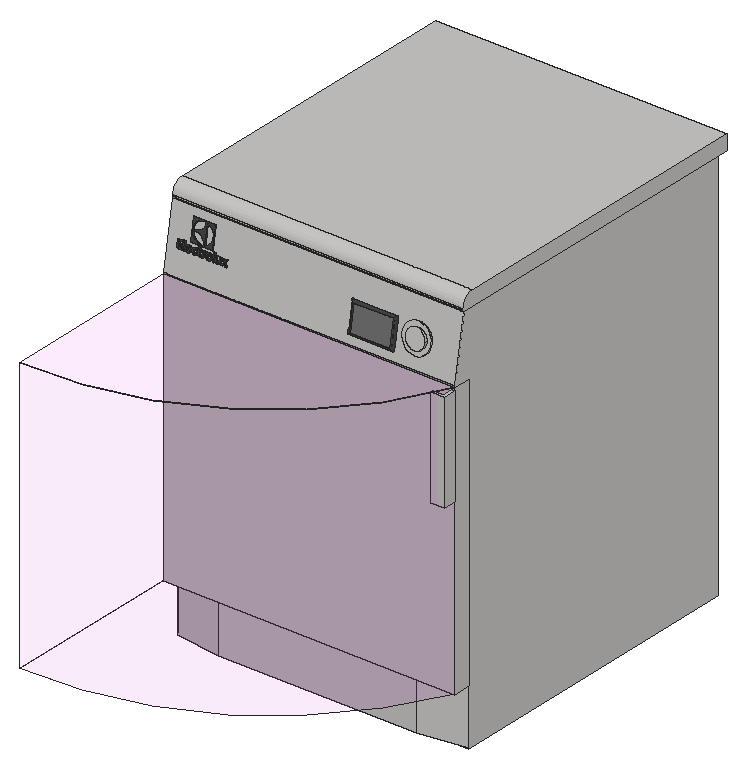
Revit family "TD6-6 Electric", category Attrezzature speciali, Revit 2018
Family settings
  Quota connettore circolare = Usa diametro
  Tipo di parte = Normale
  Basato su piano di lavoro = No
  Sempre verticale = Sì
  Taglio con vuoti quando caricato = No
  Condiviso = No
  Punto di calcolo locali = No
Parameters
  Show Logo [instance] = yes
  Show Clearance [instance] = yes
  Manufacturer = ""
  Model = ""
  Description = ""
Reference planes
  plane 1 "Center X": y = 53.8
  plane 2: z = 0
  plane 3 "Centro (Sinistra/Destra)": x = -500.5
  plane 4 "BACK": y = 414.5
  plane 5 "FRONT": y = -310.5
  plane 6 "LEFT": x = -799
  plane 7 "RIGHT": x = -202
  plane 8 "TOP": z = 839
  plane 9: z = 544
  plane 10: y = -654.04
Forms (mm)
  Extrusion 1, solid, material "QF_Finishes_Stainless Steel"
    sketch origin (718.1, -398.1, 598.796) x (0, 0, -1) y (0, 1, 0)
      loop
        line (568.796, 790.098) -> (-79.781, 790.098) -> (-79.781, 150.007) -> (568.796, 150.007) -> (568.796, 790.098)
    from -1517.1 to -920.1
  Extrusion 2, solid, material "QF_Finishes_Stainless Steel"
    sketch origin (718.1, -398.1, 534.496) x (0, 0, -1) y (0, 1, 0)
      loop
        line (-274.504, 812.6) -> (-304.504, 812.6) -> (-304.504, 161.15)
        arc (-304.504, 161.15) -> (-297.182, 143.472) -> (-279.504, 136.15) r 25
        line (-279.504, 136.15) -> (-277.385, 136.15)
        arc (-277.385, 136.15) -> (-275.348, 136.994) -> (-274.504, 139.03) r 2.881
        line (-274.504, 139.03) -> (-274.504, 812.6)
    from -1517.1 to -920.1
  Sweep 3, solid, material "QF_Finishes_Black"
    path origin (718.1, -259.961, 814.246) x (0, -0.173711, -0.984797) y (1, 0, 0)
      loop
        line (117.015, -1047.1) -> (54.21, -1047.1) -> (54.21, -1140.6) -> (117.015, -1140.6) -> (117.015, -1047.1)
    profile origin (-329, -274.833, 729.936) x (-1, 0, 0) y (0, -0.984797, 0.173711)
      loop
        line (5, 0) -> (5, 5)
        arc (5, 5) -> (1.464, 3.536) -> (0, 0) r 5
        line (0, 0) -> (5, 0)
  Extrusion 4, solid, material "QF_Finishes_Dark Grey"
    sketch origin (718.1, -259.961, 814.246) x (0, -0.173711, -0.984797) y (1, 0, 0)
      loop
        line (112.015, -1135.6) -> (112.015, -1050.6) -> (59.21, -1050.6) -> (59.21, -1135.6) -> (112.015, -1135.6)
    from 0 to 4
  Extrusion 5, solid, material "QF_Finishes_Stainless Steel"
    sketch origin (648.544, 391.998, -102.635) x (0, 0, 1) y (1, 0, 0)
      loop
        circle (803.611, -900.591) r 13.893
    from 0 to 5.231
  Extrusion 6, solid, material "QF_Finishes_Stainless Steel"
    sketch origin (676.705, 391.998, 22.818) x (0, 0, 1) y (1, 0, 0)
      loop
        circle (66.19, -1275.711) r 75
    from 0 to 5
  Extrusion 7, solid, material "QF_Finishes_Stainless Steel"
    sketch origin (-500.5, 0, 0) x (0, 1, 0) y (0, 0, 1)
      loop
        line (391.998, 678.576) -> (391.998, 809) -> (-261.597, 809) -> (-283.999, 681.951)
        arc (-283.999, 681.951) -> (-283.37, 679.603) -> (-281.168, 678.576) r 2.875
        line (-281.168, 678.576) -> (391.998, 678.576)
    from -298.5 to 298.5
  Extrusion 8, solid, material "QF_Finishes_Stainless Steel"
    sketch origin (0, 0, 1114.3) x (-1, 0, 0) y (0, -1, 0)
      loop
        line (799, -391.998) -> (799, 248.093) -> (202, 248.093) -> (202, -391.998) -> (799, -391.998)
    from -1114.3 to -1084.3
  Extrusion 9, solid, material "QF_Finishes_Stainless Steel"
    sketch origin (-500.5, -22.5, 0) x (0, 1, 0) y (0, 0, 1)
      loop
        line (-225.593, 678.576) -> (-261.54, 678.576) -> (-261.54, 115) -> (-225.593, 115) -> (-225.593, 678.576)
    from -298.5 to 298.5
  Extrusion 10, solid, material "QF_Finishes_Stainless Steel"
    sketch origin (-500.5, -283.999, 681.951) x (0, 0.173648, 0.984808) y (-1, 0, 0)
      loop
        circle (55.562, -214.058) r 30
      loop
        circle (55.562, -214.058) r 20
    from 0 to 1.6
  Extrusion 11, solid, material "QF_Finishes_Stainless Steel"
    sketch origin (-500.5, -283.999, 681.951) x (0, 0.173648, 0.984808) y (-1, 0, 0)
      loop
        circle (55.562, -214.058) r 20
    from 0 to 4.981
  Extrusion 12, solid, material "QF_Finishes_Stainless Steel"
    sketch origin (0, 0, 0) x (1, 0, 0) y (0, 1, 0)
      loop
        line (-799, -248.093) -> (-703.605, -261.5) -> (-297.395, -261.5) -> (-202, -248.093) -> (-799, -248.093)
    from 0 to 115
  Extrusion 13, solid, material "QF_Finishes_Stainless Steel"
    sketch origin (0, 0, 0) x (1, 0, 0) y (0, 1, 0)
      loop
        line (-202, -284.04) -> (-207, -284.04) -> (-207, -305.5) -> (-229.5, -305.5) -> (-229.5, -310.5) -> (-202, -310.5) -> (-202, -284.04)
    from 469.719 to 673.137
  Extrusion 14, solid, material "QF_Door-Drawer Clearances"
    sketch origin (0, 0, 0) x (1, 0, 0) y (0, 1, 0)
      loop
        line (-799, -284.04) -> (-799, -654.04)
        arc (-799, -654.04) -> (-441.815, -563.729) -> (-202, -284.04) r 609.237
        line (-202, -284.04) -> (-799, -284.04)
    from 115 to 678.576
Cuts and joins
  joined: Extrusion 1, Extrusion 7, Extrusion 8
Lines and regions (mm)
  Split face 1
    outline origin (-500.5, -283.999, 681.951) x (0, 0.173648, 0.984808) y (-1, 0, 0)
      loop
        arc (119.362, 284.173) -> (117.8, 287.943) -> (114.03, 289.504) r 5.331
        line (114.03, 289.504) -> (17.288, 289.504)
        arc (17.288, 289.504) -> (13.4, 287.894) -> (11.79, 284.007) r 5.497
        line (11.79, 284.007) -> (11.79, -280.723)
        arc (11.79, -280.723) -> (13.4, -284.61) -> (17.288, -286.22) r 5.497
        line (17.288, -286.22) -> (113.864, -286.22)
        arc (113.864, -286.22) -> (117.751, -284.61) -> (119.362, -280.723) r 5.497
        line (119.362, -280.723) -> (119.362, 284.173)
  Split face 2
    outline origin (-500.5, -283.999, 681.951) x (0, 0.173648, 0.984808) y (-1, 0, 0)
      loop
        line (89.073, -286.22) -> (89.073, -66.147)
        arc (89.073, -66.147) -> (86.789, -54.666) -> (80.286, -44.933) r 30
        line (80.286, -44.933) -> (15.962, 17.721)
        arc (15.962, 17.721) -> (14.3, 18.334) -> (12.732, 17.509) r 2.178
        arc (12.732, 17.509) -> (12.032, 16.231) -> (11.79, 14.794) r 4.384
  Split face 3
    outline origin (-500.5, -283.999, 681.951) x (0, 0.173648, 0.984808) y (-1, 0, 0)
      loop
        line (41.371, 289.504) -> (41.371, 11.408)
        arc (41.371, 11.408) -> (43.274, 1.841) -> (48.693, -6.27) r 25
        line (48.693, -6.27) -> (83.821, -41.398)
        arc (83.821, -41.398) -> (91.408, -52.753) -> (94.073, -66.147) r 35
        line (94.073, -66.147) -> (94.073, -286.22)
  Split face 4
    outline origin (-500.5, -283.999, 681.951) x (0, 0.173648, 0.984808) y (-1, 0, 0)
      loop
        line (48.371, 289.504) -> (48.371, 24.83)
        arc (48.371, 24.83) -> (50.128, 15.994) -> (55.133, 8.504) r 23.088
        line (55.133, 8.504) -> (94.428, -30.791)
        arc (94.428, -30.791) -> (105.267, -47.012) -> (109.073, -66.147) r 50
        line (109.073, -66.147) -> (109.073, -286.22)
  symbolic lines
    curve 1: line (-202, 414.5, 839) -> (-799, 414.5, 839)
    curve 2: line (-799, -284.04, 839) -> (-202, -284.04, 839)
    curve 3: line (-202, 414.5, 0) -> (-202, -284.04, 0)
    curve 4: line (-799, 414.5, 0) -> (-799, -284.04, 0)
    curve 5: line (-207, -284.04, 0) -> (-207, -305.5, 0)
    curve 6: line (-202, -310.5, 0) -> (-202, -284.04, 0)
    curve 7: line (-229.5, -310.5, 0) -> (-202, -310.5, 0)
    curve 8: line (-229.5, -305.5, 0) -> (-229.5, -310.5, 0)
    curve 9: line (-207, -305.5, 0) -> (-229.5, -305.5, 0)
  symbolic lines, style "QF_Door-Drawer Clearances"
    curve 10: line (-799, -284.04, 0) -> (-799, -654.04, 0)
    curve 11: arc (-799, -654.04, 0) -> (-441.815, -563.729, 0) -> (-202, -284.04, 0) r 609.237
Dimensions and locks
  equal spacing: plane 6 "LEFT", plane 3 "Centro (Sinistra/Destra)", plane 7 "RIGHT"
  plane 6 "LEFT" to plane 7 "RIGHT" = 597 mm  (x2)
  plane 4 "BACK" to plane 5 "FRONT" = 725 mm  (x2)
  plane 4 "BACK" to plane 1 "Center X" to plane 5 "FRONT" = 360.7 mm, 364.3 mm
  plane 8 "TOP" to level = 839 mm
  Extrusion 9 to plane 10 = 370 mm
  aligned and locked: level to plane 2
  aligned and locked: Extrusion 1 to plane 6 "LEFT"
  aligned and locked: plane 7 "RIGHT" to Extrusion 1
  aligned and locked: Extrusion 2 to plane 6 "LEFT"
  aligned and locked: plane 7 "RIGHT" to Extrusion 2
  aligned and locked: plane 7 "RIGHT" to Extrusion 7
  aligned and locked: Extrusion 7 to plane 6 "LEFT"
  aligned and locked: Extrusion 9 to plane 6 "LEFT"
  aligned and locked: plane 7 "RIGHT" to Extrusion 9
  aligned and locked: plane 4 "BACK" to Extrusion 2
Automatic sketch dimensions
  Extrusion 1 sketch curve to plane 4 "BACK" = 22.502 mm
  Extrusion 1 sketch curve to plane 8 "TOP" = 160.424 mm
  level to Extrusion 1 sketch curve = 30 mm
  plane 5 "FRONT" to Extrusion 1 sketch curve = 62.407 mm
  Extrusion 2 sketch curve to plane 8 "TOP" = 0 mm
  Extrusion 2 sketch curve to plane 8 "TOP" = 25 mm
  Extrusion 2 sketch curve to Extrusion 2 sketch curve = 2.119 mm
  Extrusion 2 sketch curve to Extrusion 2 sketch curve = 2.881 mm
  plane 5 "FRONT" to Extrusion 2 sketch curve = 48.55 mm
  Extrusion 2 sketch curve to plane 4 "BACK" = 0 mm
  Sweep 3 sketch curve to plane 7 "RIGHT" = 127 mm
  Sweep 3 sketch curve to Sweep 3 sketch curve = 62.805 mm
  plane 3 "Centro (Sinistra/Destra)" to Sweep 3 sketch curve = 78 mm
  Sweep 3 sketch curve to profile plane = 0 mm
  profile plane to Sweep 3 sketch curve = 0 mm
  Sweep 3 sketch curve to profile plane = 5 mm
  plane 3 "Centro (Sinistra/Destra)" to Extrusion 4 sketch curve = 83 mm
  Extrusion 4 sketch curve to Extrusion 4 sketch curve = 52.805 mm
  Extrusion 4 sketch curve to Extrusion 4 sketch curve = 85 mm
  Extrusion 1 to Extrusion 5 sketch curve = 50.047 mm
  Extrusion 5 sketch curve to Extrusion 1 = 22.4 mm
  plane 5 "FRONT" to Extrusion 7 sketch curve = 26.501 mm
  Extrusion 7 sketch curve to Extrusion 7 sketch curve = 2.831 mm
  Extrusion 7 sketch curve to plane 8 "TOP" = 30 mm
  plane 5 "FRONT" to Extrusion 7 sketch curve = 48.903 mm
  Extrusion 7 sketch curve to plane 4 "BACK" = 22.502 mm
  Extrusion 7 sketch curve to Extrusion 7 sketch curve = 127.049 mm
  Extrusion 7 sketch curve to Extrusion 7 sketch curve = 0.499 mm
  Extrusion 8 sketch curve to plane 7 "RIGHT" = 0 mm
  Extrusion 8 sketch curve to plane 6 "LEFT" = 0 mm
  Extrusion 8 sketch curve to plane 4 "BACK" = 22.502 mm
  plane 5 "FRONT" to Extrusion 8 sketch curve = 62.407 mm
  plane 5 "FRONT" to Extrusion 9 sketch curve = 26.46 mm
  Extrusion 9 sketch curve to Extrusion 9 sketch curve = 35.947 mm
  level to Extrusion 9 sketch curve = 115 mm
  Extrusion 9 sketch curve to plane 8 "TOP" = 160.424 mm
  Extrusion 10 sketch curve to Extrusion 10 sketch curve = 0 mm  (x2)
  Extrusion 10 sketch curve to Extrusion 7 = 55.562 mm
  Extrusion 7 to Extrusion 10 sketch curve = 84.442 mm
  Extrusion 11 sketch curve to Extrusion 11 sketch curve = 0 mm  (x2)
  Extrusion 11 sketch curve to Extrusion 7 = 55.562 mm
  Extrusion 7 to Extrusion 11 sketch curve = 84.442 mm
  Extrusion 11 sketch curve to Extrusion 11 sketch curve = 20 mm
  Split face 1 sketch curve to Extrusion 7 = 11.79 mm
  Split face 1 sketch curve to Split face 1 sketch curve = 5.497 mm  (x3)
  Extrusion 7 to Split face 1 sketch curve = 15.145 mm
  Extrusion 7 to Split face 1 sketch curve = 14.979 mm
  Split face 1 sketch curve to Extrusion 7 = 12.28 mm
  Split face 1 sketch curve to Extrusion 7 = 14.493 mm
  Split face 2 sketch curve to Extrusion 7 = 14.442 mm
  Split face 2 sketch curve to Split face 2 sketch curve = 1.52 mm
  Split face 2 sketch curve to Split face 2 sketch curve = 1.732 mm
  Split face 2 sketch curve to Extrusion 7 = 59.073 mm
  Split face 2 sketch curve to Split face 2 sketch curve = 21.213 mm
  Split face 2 sketch curve to Split face 2 sketch curve = 8.787 mm
  Split face 2 sketch curve to Extrusion 7 = 232.353 mm
  Split face 2 sketch curve to Split face 2 sketch curve = 59.728 mm
  Split face 2 sketch curve to Split face 2 sketch curve = 1.366 mm
  Split face 2 sketch curve to Split face 2 sketch curve = 1.56 mm
  Split face 2 sketch curve to Split face 2 sketch curve = 0 mm
  Split face 2 sketch curve to Extrusion 7 = 12.28 mm
  Split face 3 sketch curve to Extrusion 7 = 41.371 mm
  Split face 3 sketch curve to Split face 3 sketch curve = 7.322 mm
  Split face 3 sketch curve to Extrusion 7 = 59.073 mm
  Split face 3 sketch curve to Split face 3 sketch curve = 17.678 mm
  Split face 3 sketch curve to Split face 3 sketch curve = 24.749 mm
  Split face 3 sketch curve to Split face 3 sketch curve = 10.251 mm
  Split face 3 sketch curve to Extrusion 7 = 232.353 mm
  Split face 3 sketch curve to Split face 3 sketch curve = 35.128 mm
  Split face 3 sketch curve to Extrusion 7 = 12.28 mm
  Split face 3 sketch curve to Extrusion 7 = 8.996 mm
  Split face 4 sketch curve to Extrusion 7 = 48.371 mm
  Split face 4 sketch curve to Split face 4 sketch curve = 6.762 mm
  Split face 4 sketch curve to Extrusion 7 = 59.073 mm
  Split face 4 sketch curve to Split face 4 sketch curve = 23.088 mm
  Extrusion 7 to Split face 4 sketch curve = 34.581 mm
  Extrusion 7 to Split face 4 sketch curve = 19.937 mm
  Split face 4 sketch curve to Extrusion 7 = 232.353 mm
  Split face 4 sketch curve to Split face 4 sketch curve = 39.295 mm
  Split face 4 sketch curve to Extrusion 7 = 12.28 mm
  Split face 4 sketch curve to Extrusion 7 = 8.996 mm
  Extrusion 12 sketch curve to plane 6 "LEFT" = 0 mm
  Extrusion 12 sketch curve to plane 7 "RIGHT" = 0 mm
  plane 5 "FRONT" to Extrusion 12 sketch curve = 62.407 mm
  plane 6 "LEFT" to Extrusion 12 sketch curve = 95.395 mm
  Extrusion 12 sketch curve to plane 7 "RIGHT" = 95.395 mm
  plane 5 "FRONT" to Extrusion 12 sketch curve = 49 mm
  level to Extrusion 6 sketch curve = 89.008 mm
  plane 6 "LEFT" to Extrusion 6 sketch curve = 199.995 mm
  curve 4 to plane 6 "LEFT" = 0 mm
  plane 5 "FRONT" to curve 4 = 26.46 mm
  curve 4 to plane 4 "BACK" = 0 mm
  curve 3 to plane 4 "BACK" = 0 mm
  Extrusion 13 sketch curve to plane 5 "FRONT" = 0 mm
  Extrusion 13 sketch curve to plane 7 "RIGHT" = 0 mm
  Extrusion 13 sketch curve to plane 7 "RIGHT" = 5 mm
  Extrusion 13 sketch curve to Extrusion 13 sketch curve = 22.5 mm
  plane 5 "FRONT" to Extrusion 13 sketch curve = 5 mm
  Extrusion 13 sketch curve to Extrusion 13 sketch curve = 21.46 mm
  curve 7 to plane 5 "FRONT" = 0 mm
  curve 6 to plane 7 "RIGHT" = 0 mm
  curve 7 to plane 7 "RIGHT" = 27.5 mm
  curve 5 to plane 7 "RIGHT" = 5 mm
  plane 5 "FRONT" to curve 5 = 5 mm
  curve 5 to curve 6 = 21.46 mm
  curve 5 to curve 6 = 0 mm
  curve 2 to plane 7 "RIGHT" = 0 mm
  curve 1 to plane 4 "BACK" = 0 mm
  curve 1 to plane 7 "RIGHT" = 0 mm
  curve 2 to plane 6 "LEFT" = 0 mm
  curve 1 to plane 6 "LEFT" = 0 mm
  plane 5 "FRONT" to curve 2 = 26.46 mm
  Extrusion 14 sketch curve to plane 6 "LEFT" = 0 mm
  Extrusion 14 sketch curve to plane 7 "RIGHT" = 0 mm
  Extrusion 14 sketch curve to plane 10 = 0 mm
  plane 6 "LEFT" to Extrusion 14 sketch curve = 36.241 mm
  plane 5 "FRONT" to Extrusion 14 sketch curve = 26.46 mm
  curve 10 to plane 10 = 0 mm
  plane 6 "LEFT" to curve 11 = 36.241 mm
  radius of Extrusion 5 sketch curve = 13.893 mm
  radius of Extrusion 10 sketch curve = 30 mm
  radius of Extrusion 10 sketch curve = 20 mm
  radius of Extrusion 6 sketch curve = 75 mm
Nested families
  nested 1: "ELX_Logo_S_New" at (-742.5, -274.436, 736.185) x (1, 0, 0) z (0, -0.9848, 0.1736), type "ELX_Logo_S_New"
    with Material QF_Finishes_Black
  nested 2: "ELX_Logo_Symbol_S" at (-722.5, -266.894, 778.959) x (-1, 0, 0) z (0, -0.9848, 0.1736), type "ELX_Logo_Symbol_S"
    with Material QF_Finishes_Black
Connectors
  piping at (-599.005, 396.998, 89.008), diameter 150
    settings: on Extrusion 6, index 3, connector inside diameter 609.6 mm, connector length 0 mm, flow factor 0, pipe flow 0.0 L/s, pressure drop 0.0 Pa, fitting loss kfactor 0, connector angle 0.00°, fixture units 0, engagement length 0 mm, angle of deflection 0.00°, flow configuration 1, flow direction 2, fitting loss method 0, system type 7, joint type 0, gender type 0, connector reference index -1, connector utility 0, adjustable connector no, is connector primary yes, connector description "Exhaust Connection"
  electrical at (-252.047, 397.229, 700.976)
    settings: on Extrusion 5, index 4, voltage 0 V, apparent load 0 VA, apparent load phase1 0 VA, apparent load phase2 0 VA, apparent load phase3 0 VA, power factor 1, load classification "Other", number of poles 1, system type 30, power factor state 1, is connector primary yes, connector utility no, sub classification motor no, connector description "Electrical Connection"
Definition of nested family "ELX_Logo_S_New"
  Parameters
    Material [instance] = none
    Default Elevation = 0 mm
  Reference planes
    plane 1 "Centro (Fronte/Retro)": y = 0
    plane 2: z = 0
    plane 3 "Centro (Sinistra/Destra)": x = 0
  Forms (mm)
    Extrusion 1, solid
      sketch origin (0, 0, 0) x (1, 0, 0) y (0, 1, 0)
        loop
          line (-1219.2, 1219.2) -> (-1219.2, -1219.2) -> (1219.2, -1219.2) -> (1219.2, 1219.2) -> (-1219.2, 1219.2)
      from 0 to -304.8
    Extrusion 2, solid, material <- "Material"
      sketch origin (0, 0, 0) x (1, 0, 0) y (0, 1, 0)
        loop
          spline (-31.006, -2.781) -> (-31.24, -2.771) -> (-31.49, -2.739) -> (-31.748, -2.68) -> (-32.009, -2.591) -> (-32.264, -2.469) -> (-32.508, -2.308) -> (-32.732, -2.105) -> (-32.932, -1.857) -> (-33.099, -1.559) -> (-33.226, -1.207) -> (-33.308, -0.798) -> (-33.337, -0.327)
          line (-33.337, -0.327) -> (-33.337, 1.761) -> (-26.444, 1.761) -> (-26.444, 4.423) -> (-33.338, 4.423) -> (-33.338, 8.299) -> (-26.005, 8.299) -> (-26.005, 10.954) -> (-36.159, 10.954) -> (-36.159, -0.206)
          spline (-36.159, -0.206) -> (-36.134, -0.893) -> (-36.057, -1.54) -> (-35.927, -2.145) -> (-35.743, -2.707) -> (-35.503, -3.222) -> (-35.206, -3.689) -> (-34.85, -4.106) -> (-34.433, -4.47) -> (-33.955, -4.779) -> (-33.414, -5.031) -> (-32.809, -5.223) -> (-32.137, -5.354)
          line (-32.137, -5.354) -> (-31.029, -5.433) -> (-25.809, -5.433) -> (-25.809, -2.781) -> (-31.006, -2.781)
        loop
          line (-23.804, 3.211) -> (-23.804, -5.437) -> (-20.982, -5.437) -> (-20.982, 10.958) -> (-23.804, 10.958) -> (-23.804, 3.211)
        loop
          spline (-7.052, -0.2) -> (-7.034, 0.688) -> (-7.119, 1.546) -> (-7.304, 2.368) -> (-7.586, 3.144) -> (-7.962, 3.868) -> (-8.426, 4.531) -> (-8.977, 5.126) -> (-9.61, 5.644) -> (-10.321, 6.077) -> (-11.107, 6.419) -> (-11.964, 6.66) -> (-12.889, 6.793)
          spline (-12.889, 6.793) -> (-13.767, 6.742) -> (-14.602, 6.592) -> (-15.387, 6.346) -> (-16.116, 6.008) -> (-16.782, 5.583) -> (-17.379, 5.073) -> (-17.902, 4.483) -> (-18.343, 3.816) -> (-18.697, 3.077) -> (-18.958, 2.269) -> (-19.119, 1.395) -> (-19.174, 0.46)
          spline (-19.174, 0.46) -> (-19.121, -0.452) -> (-18.964, -1.304) -> (-18.71, -2.094) -> (-18.362, -2.816) -> (-17.926, -3.468) -> (-17.406, -4.045) -> (-16.808, -4.544) -> (-16.137, -4.96) -> (-15.397, -5.291) -> (-14.594, -5.532) -> (-13.733, -5.679) -> (-12.817, -5.729)
          spline (-12.817, -5.729) -> (-12.371, -5.719) -> (-11.93, -5.685) -> (-11.493, -5.626) -> (-11.062, -5.54) -> (-10.636, -5.425) -> (-10.216, -5.277) -> (-9.8, -5.096) -> (-9.391, -4.879) -> (-8.987, -4.623) -> (-8.588, -4.326) -> (-8.196, -3.987) -> (-7.809, -3.603)
          line (-7.809, -3.603) -> (-9.51, -1.949)
          spline (-9.51, -1.949) -> (-9.734, -2.164) -> (-9.959, -2.362) -> (-10.188, -2.542) -> (-10.422, -2.703) -> (-10.662, -2.846) -> (-10.913, -2.971) -> (-11.174, -3.077) -> (-11.449, -3.163) -> (-11.739, -3.231) -> (-12.047, -3.28) -> (-12.374, -3.309) -> (-12.723, -3.319)
          spline (-12.723, -3.319) -> (-13.234, -3.294) -> (-13.713, -3.219) -> (-14.158, -3.098) -> (-14.568, -2.931) -> (-14.94, -2.72) -> (-15.272, -2.469) -> (-15.562, -2.177) -> (-15.809, -1.849) -> (-16.009, -1.485) -> (-16.162, -1.088) -> (-16.264, -0.659) -> (-16.314, -0.2)
          line (-16.314, -0.2) -> (-7.052, -0.2)
        loop
          spline (-9.888, 1.784) -> (-9.915, 2.133) -> (-9.995, 2.469) -> (-10.124, 2.788) -> (-10.298, 3.088) -> (-10.514, 3.365) -> (-10.768, 3.615) -> (-11.056, 3.836) -> (-11.376, 4.024) -> (-11.722, 4.176) -> (-12.092, 4.289) -> (-12.482, 4.359) -> (-12.889, 4.383)
          spline (-12.889, 4.383) -> (-13.325, 4.36) -> (-13.744, 4.291) -> (-14.144, 4.18) -> (-14.52, 4.03) -> (-14.868, 3.844) -> (-15.186, 3.624) -> (-15.469, 3.375) -> (-15.715, 3.099) -> (-15.919, 2.798) -> (-16.077, 2.477) -> (-16.186, 2.138) -> (-16.243, 1.784)
          line (-16.243, 1.784) -> (-9.888, 1.784)
        loop
          spline (-2.737, 0.532) -> (-2.704, 1.057) -> (-2.61, 1.555) -> (-2.457, 2.022) -> (-2.249, 2.455) -> (-1.991, 2.851) -> (-1.685, 3.205) -> (-1.336, 3.514) -> (-0.948, 3.775) -> (-0.524, 3.984) -> (-0.067, 4.138) -> (0.417, 4.233) -> (0.926, 4.265)
          spline (0.926, 4.265) -> (1.238, 4.255) -> (1.537, 4.226) -> (1.824, 4.178) -> (2.098, 4.112) -> (2.362, 4.027) -> (2.615, 3.925) -> (2.858, 3.806) -> (3.093, 3.67) -> (3.318, 3.518) -> (3.536, 3.349) -> (3.746, 3.165) -> (3.95, 2.966)
          line (3.95, 2.966) -> (5.699, 4.785)
          spline (5.699, 4.785) -> (5.351, 5.133) -> (4.992, 5.446) -> (4.624, 5.724) -> (4.246, 5.969) -> (3.859, 6.181) -> (3.463, 6.362) -> (3.059, 6.512) -> (2.646, 6.633) -> (2.226, 6.725) -> (1.8, 6.79) -> (1.366, 6.828) -> (0.926, 6.841)
          spline (0.926, 6.841) -> (0.044, 6.786) -> (-0.801, 6.626) -> (-1.601, 6.367) -> (-2.349, 6.014) -> (-3.037, 5.573) -> (-3.658, 5.051) -> (-4.204, 4.453) -> (-4.668, 3.785) -> (-5.041, 3.053) -> (-5.318, 2.263) -> (-5.489, 1.421) -> (-5.548, 0.532)
          spline (-5.548, 0.532) -> (-5.489, -0.357) -> (-5.318, -1.199) -> (-5.041, -1.989) -> (-4.668, -2.721) -> (-4.204, -3.389) -> (-3.658, -3.987) -> (-3.037, -4.509) -> (-2.349, -4.95) -> (-1.601, -5.303) -> (-0.801, -5.562) -> (0.044, -5.722) -> (0.926, -5.777)
          spline (0.926, -5.777) -> (1.366, -5.764) -> (1.8, -5.726) -> (2.226, -5.662) -> (2.646, -5.569) -> (3.059, -5.449) -> (3.463, -5.298) -> (3.859, -5.117) -> (4.246, -4.905) -> (4.624, -4.66) -> (4.992, -4.382) -> (5.351, -4.069) -> (5.699, -3.721)
          line (5.699, -3.721) -> (3.95, -1.902)
          spline (3.95, -1.902) -> (3.746, -2.101) -> (3.536, -2.285) -> (3.318, -2.453) -> (3.093, -2.606) -> (2.858, -2.742) -> (2.615, -2.861) -> (2.362, -2.964) -> (2.098, -3.048) -> (1.824, -3.114) -> (1.537, -3.162) -> (1.238, -3.191) -> (0.926, -3.201)
          spline (0.926, -3.201) -> (0.417, -3.169) -> (-0.067, -3.074) -> (-0.524, -2.92) -> (-0.948, -2.711) -> (-1.336, -2.45) -> (-1.685, -2.141) -> (-1.991, -1.787) -> (-2.249, -1.391) -> (-2.457, -0.958) -> (-2.61, -0.491) -> (-2.704, 0.007) -> (-2.737, 0.532)
        loop
          spline (12.895, -2.785) -> (12.646, -2.789) -> (12.379, -2.77) -> (12.102, -2.724) -> (11.82, -2.646) -> (11.542, -2.531) -> (11.274, -2.376) -> (11.024, -2.175) -> (10.797, -1.924) -> (10.602, -1.618) -> (10.445, -1.253) -> (10.334, -0.824) -> (10.275, -0.327)
          line (10.275, -0.327) -> (10.275, 3.855) -> (12.842, 3.855) -> (12.842, 6.419) -> (10.278, 6.419) -> (10.278, 10.958) -> (7.456, 10.958) -> (7.456, -0.488)
          spline (7.456, -0.488) -> (7.516, -1.152) -> (7.626, -1.776) -> (7.785, -2.359) -> (7.996, -2.899) -> (8.26, -3.392) -> (8.577, -3.837) -> (8.951, -4.232) -> (9.38, -4.575) -> (9.868, -4.864) -> (10.415, -5.096) -> (11.023, -5.27) -> (11.693, -5.383)
          line (11.693, -5.383) -> (12.885, -5.437) -> (12.895, -2.785)
        loop
          spline (22.391, 6.583) -> (21.903, 6.613) -> (21.433, 6.605) -> (20.982, 6.558) -> (20.553, 6.476) -> (20.145, 6.358) -> (19.76, 6.207) -> (19.401, 6.022) -> (19.067, 5.807) -> (18.76, 5.561) -> (18.482, 5.286) -> (18.234, 4.984) -> (18.016, 4.655)
          line (18.016, 4.655) -> (18.016, 6.418) -> (15.217, 6.418) -> (15.217, -5.437) -> (18.016, -5.437) -> (18.016, 0.797)
          spline (18.016, 0.797) -> (18.042, 1.269) -> (18.118, 1.71) -> (18.242, 2.117) -> (18.412, 2.488) -> (18.627, 2.822) -> (18.884, 3.117) -> (19.182, 3.371) -> (19.518, 3.583) -> (19.892, 3.751) -> (20.3, 3.873) -> (20.742, 3.947) -> (21.215, 3.972)
          line (21.215, 3.972) -> (22.391, 3.855) -> (22.391, 6.583)
        loop
          spline (35.761, 0.49) -> (35.702, 1.36) -> (35.53, 2.189) -> (35.253, 2.971) -> (34.878, 3.698) -> (34.414, 4.364) -> (33.867, 4.963) -> (33.246, 5.488) -> (32.558, 5.932) -> (31.811, 6.289) -> (31.013, 6.552) -> (30.171, 6.715) -> (29.293, 6.771)
          spline (29.293, 6.771) -> (28.409, 6.715) -> (27.564, 6.552) -> (26.763, 6.289) -> (26.016, 5.932) -> (25.328, 5.488) -> (24.708, 4.963) -> (24.163, 4.364) -> (23.701, 3.698) -> (23.328, 2.971) -> (23.053, 2.189) -> (22.882, 1.36) -> (22.823, 0.49)
          spline (22.823, 0.49) -> (22.882, -0.379) -> (23.053, -1.208) -> (23.328, -1.989) -> (23.701, -2.716) -> (24.163, -3.382) -> (24.708, -3.981) -> (25.328, -4.506) -> (26.016, -4.951) -> (26.763, -5.308) -> (27.564, -5.571) -> (28.409, -5.734) -> (29.293, -5.79)
          spline (29.293, -5.79) -> (30.171, -5.734) -> (31.013, -5.571) -> (31.811, -5.308) -> (32.558, -4.951) -> (33.246, -4.506) -> (33.867, -3.981) -> (34.414, -3.382) -> (34.878, -2.716) -> (35.253, -1.989) -> (35.53, -1.208) -> (35.702, -0.379) -> (35.761, 0.49)
        loop
          spline (32.961, 0.49) -> (32.929, 1.004) -> (32.833, 1.493) -> (32.679, 1.955) -> (32.47, 2.385) -> (32.21, 2.779) -> (31.903, 3.134) -> (31.553, 3.445) -> (31.164, 3.709) -> (30.739, 3.921) -> (30.283, 4.077) -> (29.8, 4.174) -> (29.293, 4.207)
          spline (29.293, 4.207) -> (28.781, 4.174) -> (28.294, 4.077) -> (27.836, 3.921) -> (27.411, 3.709) -> (27.022, 3.445) -> (26.673, 3.134) -> (26.368, 2.779) -> (26.11, 2.385) -> (25.903, 1.955) -> (25.75, 1.493) -> (25.656, 1.004) -> (25.624, 0.49)
          spline (25.624, 0.49) -> (25.656, -0.022) -> (25.75, -0.512) -> (25.903, -0.973) -> (26.11, -1.403) -> (26.368, -1.798) -> (26.673, -2.153) -> (27.022, -2.464) -> (27.411, -2.728) -> (27.836, -2.94) -> (28.294, -3.096) -> (28.781, -3.193) -> (29.293, -3.226)
          spline (29.293, -3.226) -> (29.8, -3.193) -> (30.283, -3.096) -> (30.739, -2.94) -> (31.164, -2.728) -> (31.553, -2.464) -> (31.903, -2.153) -> (32.21, -1.798) -> (32.47, -1.403) -> (32.679, -0.973) -> (32.833, -0.512) -> (32.929, -0.022) -> (32.961, 0.49)
        loop
          line (37.497, 3.493) -> (37.497, -5.437) -> (40.321, -5.437) -> (40.321, 10.958) -> (37.497, 10.958) -> (37.497, 3.493)
        loop
          line (50.501, 6.418) -> (50.501, -0.473)
          spline (50.501, -0.473) -> (50.478, -0.921) -> (50.412, -1.325) -> (50.305, -1.686) -> (50.159, -2.005) -> (49.978, -2.282) -> (49.763, -2.52) -> (49.517, -2.718) -> (49.243, -2.878) -> (48.943, -3.001) -> (48.619, -3.087) -> (48.275, -3.139) -> (47.913, -3.155)
          spline (47.913, -3.155) -> (47.55, -3.139) -> (47.206, -3.088) -> (46.883, -3.001) -> (46.583, -2.879) -> (46.309, -2.72) -> (46.063, -2.523) -> (45.849, -2.287) -> (45.667, -2.012) -> (45.522, -1.696) -> (45.414, -1.339) -> (45.348, -0.94) -> (45.326, -0.498)
          line (45.326, -0.498) -> (45.326, 6.418) -> (42.479, 6.418) -> (42.479, -0.733)
          spline (42.479, -0.733) -> (42.53, -1.543) -> (42.676, -2.28) -> (42.911, -2.945) -> (43.228, -3.537) -> (43.621, -4.058) -> (44.082, -4.508) -> (44.604, -4.888) -> (45.18, -5.197) -> (45.804, -5.437) -> (46.468, -5.607) -> (47.165, -5.709) -> (47.89, -5.743)
          spline (47.89, -5.743) -> (48.62, -5.709) -> (49.323, -5.605) -> (49.993, -5.432) -> (50.621, -5.189) -> (51.203, -4.875) -> (51.729, -4.491) -> (52.194, -4.034) -> (52.59, -3.506) -> (52.91, -2.905) -> (53.147, -2.231) -> (53.295, -1.484) -> (53.346, -0.662)
          line (53.346, -0.662) -> (53.346, 6.418) -> (50.501, 6.418)
        loop
          line (64.026, -1.646) -> (62.246, 0.843) -> (64.45, 3.846) -> (66.338, 6.418) -> (63.257, 6.418) -> (60.692, 2.866) -> (58.105, 6.418) -> (55.047, 6.418) -> (56.801, 4.02) -> (59.14, 0.82) -> (56.689, -2.595) -> (54.647, -5.437) -> (57.682, -5.437) -> (60.692, -1.25) -> (63.703, -5.437) -> (66.738, -5.437) -> (64.026, -1.646)
      from 0 to 1.644
  Dimensions and locks
    aligned and locked: plane 2 to Extrusion 1
    aligned and locked: level to Extrusion 1
Definition of nested family "ELX_Logo_Symbol_S"
  Parameters
    Material [instance] = none
    Default Elevation = 0 mm
  Reference planes
    plane 1 "Centro (Fronte/Retro)": y = 0
    plane 2: z = 0
    plane 3 "Centro (Sinistra/Destra)": x = 0
  Forms (mm)
    Extrusion 1, solid
      sketch origin (0, 0, 0) x (1, 0, 0) y (0, 1, 0)
        loop
          line (-1219.2, 1219.2) -> (-1219.2, -1219.2) -> (1219.2, -1219.2) -> (1219.2, 1219.2) -> (-1219.2, 1219.2)
      from 0 to -304.8
    Extrusion 2, solid, material <- "Material"
      sketch origin (94.462, 558.781, 0) x (1, 0, 0) y (0, 1, 0)
        loop
          line (-92.971, -571.574) -> (-92.971, -531.14)
          arc (-92.971, -531.14) -> (-107.917, -551.357) -> (-92.971, -571.574) r 21.146
        loop
          arc (-90.914, -571.574) -> (-74.098, -567.752) -> (-65.997, -552.529) r 20.723
          line (-65.997, -552.529) -> (-72.686, -552.529)
          arc (-72.686, -552.529) -> (-84.636, -557.38) -> (-90.914, -568.646) r 19.424
          line (-90.914, -568.646) -> (-90.914, -571.574)
        loop
          arc (-90.914, -534.068) -> (-84.636, -545.334) -> (-72.686, -550.185) r 19.424
          line (-72.686, -550.185) -> (-65.997, -550.185)
          arc (-65.997, -550.185) -> (-74.085, -534.837) -> (-90.914, -530.621) r 21.265
          line (-90.914, -530.621) -> (-90.914, -534.068)
        loop
          line (-64.462, -573.781) -> (-64.462, -528.842) -> (-109.462, -528.842) -> (-109.462, -573.781) -> (-64.462, -573.781)
      from 0 to 1.644
  Dimensions and locks
    aligned and locked: plane 2 to Extrusion 1
    aligned and locked: level to Extrusion 1
